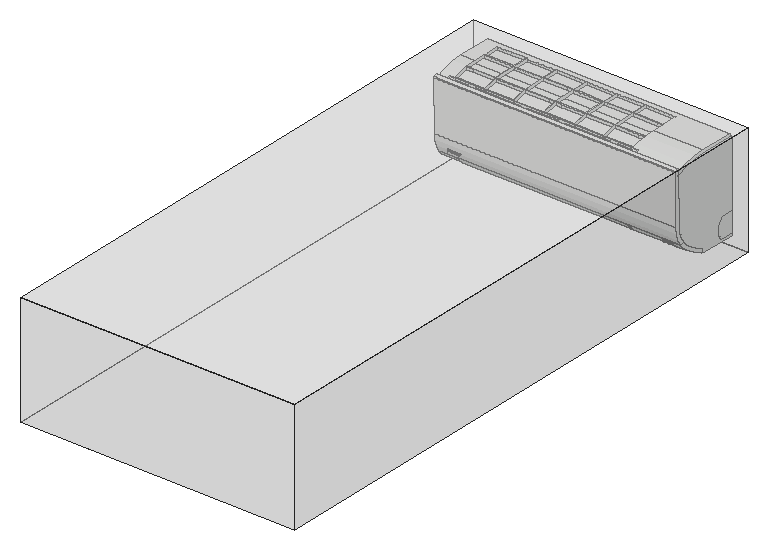
Revit family "outputfile", category 機械設備, Revit 2024
Family settings
  丸型コネクタ寸法 = 半径を使用
  パーツ タイプ = 標準
  OmniClass 番号 = 23.75.10.24.21.27.27
  OmniClass タイトル = Split System Air Conditioning Units
  作業面ベース = いいえ
  常に垂直 = はい
  ロード時にボイドで切り取り = いいえ
  注釈の向きを維持 = いいえ
  共有 = いいえ
  部屋計算ポイント = いいえ
Parameters (values of type "FTKF25CV1MF")
  Description = ""
  書き出し IFC クラス(タイプ) = "IfcUnitaryEquipmentType"
  定義済み IFC タイプ(タイプ) = "AIRCONDITIONINGUNIT"
  Cost = 0
  Type Comments = ""
  Keynote = ""
  Type Image = (empty or 0)
  Assembly Code = ""
  switch_frequency = yes
  lw_connection [instance] = if(Width = 730.0 mm, 85.0 mm, if(Width = 770.0 mm, 48.0 mm, 60.0 mm))  # 85.0 mm
  製造元 = "Daikin"
  モデル = "FTKF25CV1MF"
  r_Liquid Pipe Size = Liquid Pipe Size / 2  # 3.2 mm
  r_Gas Pipe Size = Gas Pipe Size / 2  # 4.75 mm
  r_Drain Pipe Size = Drain Pipe Size / 2  # 9.55 mm
  lw_powersupply [instance] = if(Width = 730.0 mm, if(or(Rear Right Connection_refrigerant, Bottom Right Connection_refrigerant), 65.0 mm, if(or(Rear Left Connection_refrigerant, Bottom Left Connection_refrigerant), 695.0 mm, 400.0 mm)), if(Width = 770.0 mm, if(or(Rear Right Connection_refrigerant, Bottom Right Connection_refrigerant), 68.0 mm, if(or(Rear Left Connection_refrigerant, Bottom Left Connection_refrigerant), 705.0 mm, 400.0 mm)), if(or(Rear Right Connection_refrigerant, Bottom Right Connection_refrigerant), 83.0 mm, if(or(Rear Left Connection_refrigerant, Bottom Left Connection_refrigerant), 928.0 mm, 400.0 mm))))  # 400.0 mm
  lw_liquidpipe [instance] = if(Width = 730.0 mm, if(or(Rear Right Connection_refrigerant, Bottom Right Connection_refrigerant), 0.0 mm, if(or(Rear Left Connection_refrigerant, Bottom Left Connection_refrigerant), 582.0 mm, 473.0 mm)), if(Width = 770.0 mm, if(or(Rear Right Connection_refrigerant, Bottom Right Connection_refrigerant), 0.0 mm, if(or(Rear Left Connection_refrigerant, Bottom Left Connection_refrigerant), 682.0 mm, 385.0 mm)), if(or(Rear Right Connection_refrigerant, Bottom Right Connection_refrigerant), 10.0 mm, if(or(Rear Left Connection_refrigerant, Bottom Left Connection_refrigerant), 858.0 mm, 435.0 mm))))  # 473.0 mm
  lw_gaspipe [instance] = if(Width = 730.0 mm, if(or(Rear Right Connection_refrigerant, Bottom Right Connection_refrigerant), 0.0 mm, if(or(Rear Left Connection_refrigerant, Bottom Left Connection_refrigerant), 576.0 mm, 428.0 mm)), if(Width = 770.0 mm, if(or(Rear Right Connection_refrigerant, Bottom Right Connection_refrigerant), 0.0 mm, if(or(Rear Left Connection_refrigerant, Bottom Left Connection_refrigerant), 675.0 mm, 335.0 mm)), if(or(Rear Right Connection_refrigerant, Bottom Right Connection_refrigerant), 0.0 mm, if(or(Rear Left Connection_refrigerant, Bottom Left Connection_refrigerant), 851.0 mm, 400.0 mm))))  # 428.0 mm
  lw_drainpipe [instance] = if(Width = 730.0 mm, if(or(Rear Right Connection_refrigerant, Bottom Right Connection_refrigerant), 0.0 mm, if(or(Rear Left Connection_refrigerant, Bottom Left Connection_refrigerant), 590.0 mm, 488.0 mm)), if(Width = 770.0 mm, if(or(Rear Right Connection_refrigerant, Bottom Right Connection_refrigerant), 0.0 mm, if(or(Rear Left Connection_refrigerant, Bottom Left Connection_refrigerant), 695.0 mm, 440.0 mm)), if(or(Rear Right Connection_refrigerant, Bottom Right Connection_refrigerant), 0.0 mm, if(or(Rear Left Connection_refrigerant, Bottom Left Connection_refrigerant), 888.0 mm, 475.0 mm))))  # 488.0 mm
  l_powersupply_length [instance] = if(Width = 730.0 mm, if(Right Connection_refrigerant, 400.0 mm, if(Left Connection_refrigerant, 330.0 mm, if(or(Bottom Left Connection_refrigerant, Bottom Right Connection_refrigerant), 57.0 mm, if(or(Rear Left Connection_refrigerant, Rear Right Connection_refrigerant), 15.0 mm, 50.0 mm)))), if(Width = 770.0 mm, if(Right Connection_refrigerant, 400.0 mm, if(Left Connection_refrigerant, 370.0 mm, if(or(Bottom Left Connection_refrigerant, Bottom Right Connection_refrigerant), 57.0 mm, if(or(Rear Left Connection_refrigerant, Rear Right Connection_refrigerant), 15.0 mm, 50.0 mm)))), if(Right Connection_refrigerant, 400.0 mm, if(Left Connection_refrigerant, 590.0 mm, if(or(Bottom Left Connection_refrigerant, Bottom Right Connection_refrigerant), 57.0 mm, if(or(Rear Left Connection_refrigerant, Rear Right Connection_refrigerant), 15.0 mm, 50.0 mm))))))  # 400.0 mm
  l_liquidpipe_length [instance] = if(Width = 730.0 mm, if(Right Connection_refrigerant, 558.0 mm, if(Left Connection_refrigerant, 172.0 mm, if(or(Bottom Left Connection_refrigerant, Bottom Right Connection_refrigerant), 48.0 mm, if(or(Rear Left Connection_refrigerant, Rear Right Connection_refrigerant), 30.0 mm, 40.0 mm)))), if(Width = 770.0 mm, if(Right Connection_refrigerant, 433.0 mm, if(Left Connection_refrigerant, 337.0 mm, if(or(Bottom Left Connection_refrigerant, Bottom Right Connection_refrigerant), 48.0 mm, if(or(Rear Left Connection_refrigerant, Rear Right Connection_refrigerant), 30.0 mm, 40.0 mm)))), if(Right Connection_refrigerant, 495.0 mm, if(Left Connection_refrigerant, 495.0 mm, if(or(Bottom Left Connection_refrigerant, Bottom Right Connection_refrigerant), 48.0 mm, if(or(Rear Left Connection_refrigerant, Rear Right Connection_refrigerant), 30.0 mm, 40.0 mm))))))  # 558.0 mm
  l_gaspipe_length [instance] = if(Width = 730.0 mm, if(Right Connection_refrigerant, 513.0 mm, if(Left Connection_refrigerant, 217.0 mm, if(or(Bottom Left Connection_refrigerant, Bottom Right Connection_refrigerant), 57.0 mm, if(or(Rear Left Connection_refrigerant, Rear Right Connection_refrigerant), 40.0 mm, 50.0 mm)))), if(Width = 770.0 mm, if(Right Connection_refrigerant, 383.0 mm, if(Left Connection_refrigerant, 387.0 mm, if(or(Bottom Left Connection_refrigerant, Bottom Right Connection_refrigerant), 57.0 mm, if(or(Rear Left Connection_refrigerant, Rear Right Connection_refrigerant), 40.0 mm, 50.0 mm)))), if(Right Connection_refrigerant, 460.0 mm, if(Left Connection_refrigerant, 530.0 mm, if(or(Bottom Left Connection_refrigerant, Bottom Right Connection_refrigerant), 57.0 mm, if(or(Rear Left Connection_refrigerant, Rear Right Connection_refrigerant), 40.0 mm, 50.0 mm))))))  # 513.0 mm
  l_drainpipe_length [instance] = if(Width = 730.0 mm, if(Right Connection_refrigerant, 573.0 mm, if(Left Connection_refrigerant, 157.0 mm, if(or(Bottom Left Connection_refrigerant, Bottom Right Connection_refrigerant), 35.0 mm, if(or(Rear Left Connection_refrigerant, Rear Right Connection_refrigerant), 15.0 mm, 20.0 mm)))), if(Width = 770.0 mm, if(Right Connection_refrigerant, 488.0 mm, if(Left Connection_refrigerant, 282.0 mm, if(or(Bottom Left Connection_refrigerant, Bottom Right Connection_refrigerant), 35.0 mm, if(or(Rear Left Connection_refrigerant, Rear Right Connection_refrigerant), 15.0 mm, 20.0 mm)))), if(Right Connection_refrigerant, 535.0 mm, if(Left Connection_refrigerant, 455.0 mm, if(or(Bottom Left Connection_refrigerant, Bottom Right Connection_refrigerant), 35.0 mm, if(or(Rear Left Connection_refrigerant, Rear Right Connection_refrigerant), 15.0 mm, 20.0 mm))))))  # 573.0 mm
  h*** = 0.0 mm  # constant formula
  connector_voltage = Voltage_50Hz  # 230 V
  connector_powerinput = [Power Input (Cooling)]  # 0.860 kW
  connector_phase = Phase_50Hz  # 1
  angle_vertical [instance] = if(or(Bottom Left Connection_refrigerant, Bottom Right Connection_refrigerant), 0.00°, 90.00°)  # 90.00°
  angle_horizontal [instance] = if(Right Connection_refrigerant, 90.00°, if(Left Connection_refrigerant, -90.00°, if(or(Rear Left Connection_refrigerant, Rear Right Connection_refrigerant), 180.00°, 0.00°)))  # 90.00°
  Width = 730.0 mm
  Voltage_comment_50Hz = "220 - 240"
  Voltage_50Hz = 230 V
  Version = "ver.1.0"
  Unit Type = "Wall Mounted"
  Unit Mass Weight = 8.50 kg
  Unit Designation [instance] = ""
  Uniclass2015Version = "Products v1.30"
  Uniclass2015Title = "Split coil room air conditioning units"
  Uniclass2015Code = "Pr_70_65_03_86"
  URL = ""
  Total Cooling Capacity [instance] = 0.000 kW
  Sound Pressure Level_M speed (dBA) = 33
  Sound Pressure Level_L speed (dBA) = 26
  Sound Pressure Level_H speed (dBA) = 39
  Sound Power Level_H speed (dB) = 0
  Series = "Single Split_Fan Coil Unit"
  Sensible Cooling Capacity [instance] = 0.000 kW
  Refrigerant Type = "R32"
  Power Input (Cooling) = 0.860 kW
  Phase_50Hz = 1
  Option Accessory 3 [instance] = ""
  Option Accessory 2 [instance] = ""
  Option Accessory 1 [instance] = ""
  Nominal Cooling Capacity = 2.640 kW
  Minimum Circuit Amps_50Hz = 10.7 A
  Minimum Airflow = 348.00 m³/h
  Median Airflow = 442.00 m³/h
  Maximum Fuse Amps_50Hz = 16.0 A
  Maximum Airflow = 578.00 m³/h
  Material_Casing = DAIKIN_White_Casing_indoorunit
  Load Classification = HVAC
  Liquid Pipe Size = 6.4 mm
  Link_Nested Family [instance] = ""
  IfcVersion = ""
  IfcExportType = "AIRCONDITIONINGUNIT"
  IfcExportAs = "IfcUnitaryEquipmentType"
  Height = 280.0 mm
  Heat Exchanger Type = "Cross Fin Coil"
  Gas Pipe Size = 9.5 mm
  Frequency_50Hz = 50 Hz
  Fan Type = "Cross Flow Fan"
  Fan Drive = "Direct Drive"
  FCU Tag No. [instance] = ""
  Drain Pipe Size = 19.1 mm
  Design Supply Airflow [instance] = 0.00 m³/h
  Depth = 213.0 mm
  既定の高さ = 0.0 mm
  Cooling Entering Wet Bulb Temperature [instance] = 0.00 °C
  Cooling Entering Dry Bulb Temperature [instance] = 0.00 °C
  Cooling Ambient Wet Bulb Temperature [instance] = 0.00 °C
  Cooling Ambient Dry Bulb Temperature [instance] = 0.00 °C
  Clearance visibility [instance] = yes
  Clearance Top = 30.0 mm
  Clearance Right = 50.0 mm
  Clearance Rear = 0.0 mm
  Clearance Left = 50.0 mm
  Clearance Front = 1500.0 mm
  Clearance Bottom = 30.0 mm
  Bottom Right Connection_refrigerant [instance] = no
  Bottom Left Connection_refrigerant [instance] = no
  Rear Right Connection_refrigerant [instance] = no
  Rear Left Connection_refrigerant [instance] = no
  Right Connection_refrigerant [instance] = yes
  Left Connection_refrigerant [instance] = no
Reference planes
  plane 1 "Back": y = 0
  plane 2: z = 0
  plane 3 "Center (Left/Right)": x = 0
  plane 4 "Center (Front/Back)": y = -106.5
  plane 5 "Front": y = -213
  plane 6 "Left": x = -365
  plane 7 "Right": x = 365
  plane 8 "Top": z = 0
  plane 9 "Bottom": z = -280
  plane 10 "Front panel_Left": x = -363
  plane 11 "Front panel_Right": x = 363
  plane 12: x = 229
  plane 13: x = 224
  plane 14: x = -415
  plane 15: x = 415
  plane 16: y = 0
  plane 17: y = -1713
  plane 18: z = 30
  plane 19: z = -310
  plane 20 "lw_Piping and Wiring intake": x = 280
  plane 21 "lw_gaspipe": x = -148
  plane 22 "lw_liquidpipe": x = -193
  plane 23 "lw_drainpipe": x = -208
  plane 24 "lh_drainpipe": z = -245
  plane 25 "lh_liquidpipe": z = -232
  plane 26 "lh_gaspipe": z = -223
  plane 27 "ld_drainpipe": y = -15
  plane 28 "ld_liquidpipe": y = -30
  plane 29 "ld_gaspipe": y = -40
  plane 30 "lw_powersupply": x = -35
Dimensions and locks
  equal spacing: plane 6 "Left", plane 3 "Center (Left/Right)", plane 7 "Right"
  "Width": plane 6 "Left" to plane 7 "Right"
  equal spacing: plane 5 "Front", plane 4 "Center (Front/Back)", plane 1 "Back"
  "Depth": plane 5 "Front" to plane 1 "Back"
  "Height": plane 8 "Top" to plane 9 "Bottom"
  locked: plane 10 "Front panel_Left" to plane 6 "Left" at 2
  locked: plane 7 "Right" to plane 11 "Front panel_Right" at 2
  locked: plane 7 "Right" to plane 12 at 136
  locked: plane 12 to plane 13 at 5
  "Clearance Rear": plane 16 to plane 1 "Back"
  "Clearance Front": plane 17 to plane 5 "Front"
  "Clearance Top": plane 18 to plane 8 "Top"
  "Clearance Bottom": plane 9 "Bottom" to plane 19
  "lw_connection": plane 20 "lw_Piping and Wiring intake" to plane 7 "Right"
  "lw_gaspipe": plane 21 "lw_gaspipe" to plane 20 "lw_Piping and Wiring intake"
  "lw_liquidpipe": plane 22 "lw_liquidpipe" to plane 20 "lw_Piping and Wiring intake"
  "lw_drainpipe": plane 23 "lw_drainpipe" to plane 20 "lw_Piping and Wiring intake"
  locked: plane 24 "lh_drainpipe" to plane 9 "Bottom" at 35
  locked: plane 25 "lh_liquidpipe" to plane 9 "Bottom" at 48
  locked: plane 26 "lh_gaspipe" to plane 9 "Bottom" at 57
  locked: plane 27 "ld_drainpipe" to plane 1 "Back" at 15
  locked: plane 1 "Back" to plane 28 "ld_liquidpipe" at 30
  locked: plane 1 "Back" to plane 29 "ld_gaspipe" at 40
  "lw_powersupply": plane 30 "lw_powersupply" to plane 7 "Right"
  "Clearance Left": plane 14 to plane 6 "Left"
  "Clearance Right": plane 7 "Right" to plane 15
  aligned and locked: level to plane 2
  aligned and locked: plane 19 to nested 1
  aligned and locked: plane 18 to nested 1
  aligned and locked: plane 21 "lw_gaspipe" to nested 2
  aligned and locked: nested 2 to plane 29 "ld_gaspipe"
  aligned and locked: plane 22 "lw_liquidpipe" to nested 3
  aligned and locked: nested 3 to plane 28 "ld_liquidpipe"
  aligned and locked: plane 23 "lw_drainpipe" to nested 4
  aligned and locked: nested 4 to plane 27 "ld_drainpipe"
  aligned and locked: nested 5 to plane 27 "ld_drainpipe"
  aligned and locked: plane 30 "lw_powersupply" to nested 5
  aligned and locked: level to plane 8 "Top"
  aligned and locked: nested 1 to plane 14
  aligned and locked: nested 1 to plane 15
  aligned and locked: plane 16 to nested 1
  aligned and locked: nested 1 to plane 17
Nested families
  nested 1: "daikin_clearancespace" at (0, -856.5, -139.881), show <- "Clearance visibility", visible <- "Clearance visibility", Link_Nested Family <- "Link_Nested Family", type "daikin_clearancespace"
    with width 830.0 mm, show yes, height 340.0 mm, depth 1713.0 mm, Link_Nested Family ""
  nested 2: "daikin_connector_rotate3" at (-148, -40, -223), angle_vertical <- "angle_vertical", angle_horizontal <- "angle_horizontal", length <- "l_gaspipe_length", radius <- "r_Gas Pipe Size", type "daikin_connector_rotate3"
    with show no, radius 4.75 mm, length 513.0 mm, angle_vertical 90.00°, angle_horizontal 90.00°
  nested 3: "daikin_connector_rotate3" at (-193, -30, -232), angle_vertical <- "angle_vertical", angle_horizontal <- "angle_horizontal", radius <- "r_Liquid Pipe Size", length <- "l_liquidpipe_length", type "daikin_connector_rotate3"
    with show no, radius 3.2 mm, length 558.0 mm, angle_vertical 90.00°, angle_horizontal 90.00°
  nested 4: "daikin_connector_rotate3" at (-208, -15, -245), angle_vertical <- "angle_vertical", angle_horizontal <- "angle_horizontal", length <- "l_drainpipe_length", radius <- "r_Drain Pipe Size", type "daikin_connector_rotate3"
    with show no, radius 9.55 mm, length 573.0 mm, angle_vertical 90.00°, angle_horizontal 90.00°
  nested 5: "daikin_connector_rotate3" at (-35, -15, -223), angle_vertical <- "angle_vertical", angle_horizontal <- "angle_horizontal", length <- "l_powersupply_length", type "daikin_connector_rotate3"
    with show no, radius 10.0 mm, length 400.0 mm, angle_vertical 90.00°, angle_horizontal 90.00°
  nested 6: "DAIKIN_indoorunit_FTKF-CV1MF" at (-31, 0, 0), type "FTKF-CV1MF"
Connectors
  piping at (365, -40, -223), diameter 9.5, driven by "r_Gas Pipe Size"
    settings: on nested 2, index 1, connector inside diameter 609.6 mm, connector length 0.0 mm, flow factor 0, pipe flow 0.00 m³/h, pressure drop 0.0 Pa, fitting loss kfactor 0, connector angle 0.00°, fixture units 0, engagement length 0.0 mm, angle of deflection 0.00°, flow configuration 1, flow direction 2, fitting loss method 0, system type 29, joint type 0, gender type 0, connector reference index -1, connector utility 0, adjustable connector no, is connector primary yes, connector description "Refrigerant Gas Piping"
  piping at (365, -30, -232), diameter 6.4, driven by "r_Liquid Pipe Size"
    settings: on nested 3, index 2, connector inside diameter 609.6 mm, connector length 0.0 mm, flow factor 0, pipe flow 0.00 m³/h, pressure drop 0.0 Pa, fitting loss kfactor 0, connector angle 0.00°, fixture units 0, engagement length 0.0 mm, angle of deflection 0.00°, flow configuration 1, flow direction 1, fitting loss method 0, system type 29, joint type 0, gender type 0, connector reference index -1, connector utility 0, adjustable connector no, is connector primary no, connector description "Refrigerant Liquid Piping"
  piping at (365, -15, -245), diameter 19.1, driven by "r_Drain Pipe Size"
    settings: on nested 4, index 3, connector inside diameter 609.6 mm, connector length 0.0 mm, flow factor 0, pipe flow 0.00 m³/h, pressure drop 0.0 Pa, fitting loss kfactor 0, connector angle 0.00°, fixture units 0, engagement length 0.0 mm, angle of deflection 0.00°, flow configuration 1, flow direction 2, fitting loss method 4, system type 16, joint type 0, gender type 0, connector reference index -1, connector utility 0, adjustable connector no, is connector primary no, connector description "Condensate Drain Piping"
  electrical at (365, -15, -223), driven by "Load Classification", driven by "connector_powerinput", driven by "connector_phase", driven by "connector_voltage"
    settings: on nested 5, index 4, voltage 230 V, apparent load 860 VA, apparent load phase1 0 VA, apparent load phase2 0 VA, apparent load phase3 0 VA, power factor 1, load classification "HVAC", number of poles 1, system type 30, power factor state 1, is connector primary yes, connector utility no, sub classification motor no, connector description "Power Supply"
Definition of nested family "daikin_clearancespace"
  Parameters (values of type "daikin_clearancespace")
    Description = "daikin_clearancespace"
    width [instance] = 1823.963 mm
    show [instance] = yes
    material = none
    height [instance] = 1359.762 mm
    depth [instance] = 880.0 mm
    Default Elevation = 0.0 mm
    Link_Nested Family [instance] = ""
  Reference planes
    plane 1 "Center (Front/Back)": y = 0
    plane 2 "Center (Elevation)": z = -0.119
    plane 3 "Center (Left/Right)": x = 0
    plane 4: y = 440
    plane 5: y = -440
    plane 6 "Right": x = 911.982
    plane 7 "Left": x = -911.982
    plane 8 "Top": z = 679.762
    plane 9 "Bottom": z = -680
  Forms (mm)
    Extrusion 1, solid, material <- "material", visible <- "show"
      sketch origin (0, 0, 0) x (1, 0, 0) y (0, 1, 0)
        loop
          line (-911.982, 440) -> (-911.982, -440) -> (911.982, -440) -> (911.982, 440) -> (-911.982, 440)
      from -680 to 679.762
  Lines and regions (mm)
    symbolic lines, visible <- "show"
      curve 1: line (911.982, 440, 0) -> (-911.982, 440, 0)
      curve 2: line (-911.982, 440, 0) -> (-911.982, -440, 0)
      curve 3: line (-911.982, -440, 0) -> (911.982, -440, 0)
      curve 4: line (911.982, -440, 0) -> (911.982, 440, 0)
      curve 5: line (911.982, 0, 679.762) -> (-911.982, 0, 679.762)
      curve 6: line (911.982, 0, -680) -> (911.982, 0, 679.762)
      curve 7: line (-911.982, 0, -680) -> (911.982, 0, -680)
      curve 8: line (-911.982, 0, 679.762) -> (-911.982, 0, -680)
      curve 9: line (0, 440, 679.762) -> (0, -440, 679.762)
      curve 10: line (0, -440, 679.762) -> (0, -440, -680)
      curve 11: line (0, 440, -680) -> (0, 440, 679.762)
      curve 12: line (0, -440, -680) -> (0, 440, -680)
  Dimensions and locks
    "width": plane 7 "Left" to plane 6 "Right"
    "depth": plane 4 to plane 5
    "height": plane 8 "Top" to plane 9 "Bottom"
    equal spacing: plane 7 "Left", plane 3 "Center (Left/Right)", plane 6 "Right"
    equal spacing: plane 4, plane 1 "Center (Front/Back)", plane 5
    equal spacing: plane 8 "Top", plane 2 "Center (Elevation)", plane 9 "Bottom"
    aligned and locked: level to plane 2 "Center (Elevation)"
    aligned and locked: Extrusion 1 sketch curve to plane 4
    aligned and locked: plane 7 "Left" to Extrusion 1 sketch curve
    aligned and locked: Extrusion 1 sketch curve to plane 5
    aligned and locked: Extrusion 1 sketch curve to plane 6 "Right"
    aligned and locked: plane 8 "Top" to Extrusion 1
    aligned and locked: curve 1 to Extrusion 1
    aligned and locked: curve 2 to Extrusion 1
    aligned and locked: curve 3 to Extrusion 1
    aligned and locked: curve 4 to Extrusion 1
    aligned and locked: curve 5 to Extrusion 1
    aligned and locked: curve 6 to Extrusion 1
    aligned and locked: curve 7 to Extrusion 1
    aligned and locked: curve 8 to Extrusion 1
    aligned and locked: curve 9 to Extrusion 1
    aligned and locked: curve 10 to Extrusion 1
    aligned and locked: curve 11 to Extrusion 1
    aligned and locked: curve 12 to Extrusion 1
    aligned and locked: Extrusion 1 to plane 9 "Bottom"
Definition of nested family "DAIKIN_indoorunit_FTKF-CV1MF"
  Parameters (values of type "FTKF-CV1MF")
    switch_unit1_60-71 = Width = 990.0 mm  # no
    switch_unit1_35-50 = Width = 770.0 mm  # no
    switch_unit1_20-25 = Width = 730.0 mm  # yes
    Width = 730.0 mm
    WALL HOLE-R = if(Width = 730.0 mm, 79.0 mm, 48.0 mm)  # 79.0 mm
    Material_Casing = none
    Height = if(Width = 730.0 mm, 280.0 mm, if(Width = 770.0 mm, 288.0 mm, 297.0 mm))  # 280.0 mm
    Default Elevation = 0.0 mm
  Reference planes
    plane 1 "Center (Front/Back)": y = 0
    plane 2 "reference_level": z = 0
    plane 3 "Center (Left/Right)": x = 31
    plane 4: x = -334
    plane 5: x = 396
    plane 6: z = -280
  Forms (mm)
    Extrusion 1, solid, material <- "Material_Casing", visible <- "switch_unit1_20-25"
      sketch origin (31, 0, 0) x (0, 1, 0) y (0, 0, 1)
        loop
          line (-109.519, -8) -> (-2.596, -8) -> (-8.198, 0) -> (-109.608, 0)
          arc (-109.608, 0) -> (-157.226, -5.2) -> (-202.599, -20.555) r 220.623
          line (-202.599, -20.555) -> (-202.447, -29.25)
          arc (-202.447, -29.25) -> (-157.182, -13.38) -> (-109.519, -8) r 213.82
      from -365 to 365
    Extrusion 2, solid, material <- "Material_Casing", visible <- "switch_unit1_20-25"
      sketch origin (416, 1304.033, 1200.206) x (0, 1, 0) y (0, 0, 1)
        loop
          arc (-1496.513, -1423.164) -> (-1487.225, -1434.204) -> (-1476.373, -1443.711) r 95
          arc (-1476.373, -1443.711) -> (-1448.371, -1461.92) -> (-1418.191, -1476.232) r 250
          line (-1418.191, -1476.232) -> (-1418.191, -1465.318)
          arc (-1418.191, -1465.318) -> (-1445.052, -1452.134) -> (-1470.063, -1435.711) r 240
          arc (-1470.063, -1435.711) -> (-1477.766, -1429.186) -> (-1484.641, -1421.794) r 85
          line (-1484.641, -1421.794) -> (-1496.513, -1423.164)
      from -20 to -177
    Extrusion 3, solid, material <- "Material_Casing", visible <- "switch_unit1_20-25"
      sketch origin (31, 0, 0) x (0, 1, 0) y (0, 0, 1)
        loop
          line (-202.769, -10.816) -> (-211.618, -13.692)
          arc (-211.618, -13.692) -> (-212.628, -14.432) -> (-213, -15.629) r 2
          line (-213, -15.629) -> (-210.348, -167.5)
          arc (-210.348, -167.5) -> (-206.029, -195.818) -> (-193.465, -221.562) r 95
          line (-193.465, -221.562) -> (-181.653, -220.199)
          arc (-181.653, -220.199) -> (-195.31, -195.356) -> (-200.037, -167.403) r 85
          line (-200.037, -167.403) -> (-202.769, -10.816)
      from -365 to 365
    Extrusion 4, solid, material <- "Material_Casing", visible <- "switch_unit1_20-25"
      sketch origin (31, 0, 0) x (0, 1, 0) y (0, 0, 1)
        loop
          line (0, -280) -> (0, -11.707) -> (-2.596, -8) -> (-109.519, -8)
          arc (-109.519, -8) -> (-156.378, -13.198) -> (-200.959, -28.539) r 213.82
          line (-200.959, -28.539) -> (-198.537, -167.295)
          arc (-198.537, -167.295) -> (-189.766, -204.754) -> (-165.131, -234.305) r 83.5
          arc (-165.131, -234.305) -> (-139.841, -250.873) -> (-112.659, -264.109) r 238.5
          line (-112.659, -264.109) -> (-112.659, -276.338)
          arc (-112.659, -276.338) -> (-100.834, -279.079) -> (-88.731, -280) r 80
          line (-88.731, -280) -> (0, -280)
      from -365 to 365
    Extrusion 5, solid, material <- "Material_Casing", visible <- "switch_unit1_20-25"
      sketch origin (-354, 1304.033, 1200.206) x (0, 1, 0) y (0, 0, 1)
        loop
          arc (-1496.513, -1423.164) -> (-1487.225, -1434.204) -> (-1476.373, -1443.711) r 95
          arc (-1476.373, -1443.711) -> (-1448.371, -1461.92) -> (-1418.191, -1476.232) r 250
          line (-1418.191, -1476.232) -> (-1418.191, -1465.318)
          arc (-1418.191, -1465.318) -> (-1445.052, -1452.134) -> (-1470.063, -1435.711) r 240
          arc (-1470.063, -1435.711) -> (-1477.766, -1429.186) -> (-1484.641, -1421.794) r 85
          line (-1484.641, -1421.794) -> (-1496.513, -1423.164)
      from 72 to 20
    Extrusion 6, solid, material <- "Material_Casing", visible <- "switch_unit1_20-25"
      sketch origin (31, 7.782, 0.206) x (0, 1, 0) y (0, 0, 1)
        loop
          line (-188.39, -221.794) -> (-200.262, -223.164)
          arc (-200.262, -223.164) -> (-190.975, -234.204) -> (-180.122, -243.711) r 95
          arc (-180.122, -243.711) -> (-152.12, -261.92) -> (-121.941, -276.232) r 250
          line (-121.941, -276.232) -> (-121.941, -265.318)
          arc (-121.941, -265.318) -> (-148.801, -252.134) -> (-173.813, -235.711) r 240
          arc (-173.813, -235.711) -> (-181.515, -229.186) -> (-188.39, -221.794) r 85
      from 204 to -309
    Extrusion 7, void
      sketch origin (31, 0, -235) x (1, 0, 0) y (0, 1, 0)
        loop
          line (-324.633, -72.419) -> (-304, -73.5) -> (-234.9, -73.5) -> (-234.9, -24.5) -> (-324.633, -24.5) -> (-324.633, -72.419)
        loop
          line (-304, -74.9) -> (-324.633, -75.939) -> (-324.633, -139.819) -> (-304, -140.9) -> (-234.9, -140.9) -> (-234.9, -74.9) -> (-304, -74.9)
        loop
          line (-304, -142.3) -> (-324.633, -143.326) -> (-324.633, -182.209) -> (-300, -183.5) -> (-234.9, -183.5) -> (-234.9, -142.3) -> (-304, -142.3)
        loop
          line (-233.5, -142.3) -> (-233.5, -183.5) -> (-146.9, -183.5) -> (-146.9, -142.3) -> (-233.5, -142.3)
        loop
          line (-233.5, -140.9) -> (-146.9, -140.9) -> (-146.9, -74.9) -> (-233.5, -74.9) -> (-233.5, -140.9)
        loop
          line (-233.5, -73.5) -> (-146.9, -73.5) -> (-146.9, -24.5) -> (-233.5, -24.5) -> (-233.5, -73.5)
        loop
          line (-145.5, -73.5) -> (-74.9, -73.5) -> (-54.9, -72.452) -> (-54.9, -24.5) -> (-145.5, -24.5) -> (-145.5, -73.5)
        loop
          line (-145.5, -74.9) -> (-145.5, -140.9) -> (-74.9, -140.9) -> (-54.9, -139.852) -> (-54.9, -75.948) -> (-74.9, -74.9) -> (-145.5, -74.9)
        loop
          line (-145.5, -142.3) -> (-145.5, -183.5) -> (-74.9, -183.5) -> (-54.9, -182.452) -> (-54.9, -143.348) -> (-74.9, -142.3) -> (-145.5, -142.3)
        loop
          line (-53.5, -24.5) -> (-53.5, -72.452) -> (-33.5, -73.5) -> (36.5, -73.5) -> (36.5, -24.5) -> (-53.5, -24.5)
        loop
          line (-53.5, -75.948) -> (-53.5, -139.852) -> (-33.5, -140.9) -> (36.5, -140.9) -> (36.5, -74.9) -> (-33.5, -74.9) -> (-53.5, -75.948)
        loop
          line (-33.5, -142.3) -> (-53.5, -143.348) -> (-53.5, -182.452) -> (-33.5, -183.5) -> (36.5, -183.5) -> (36.5, -142.3) -> (-33.5, -142.3)
        loop
          line (37.9, -24.5) -> (37.9, -73.5) -> (124.9, -73.5) -> (124.9, -24.5) -> (37.9, -24.5)
        loop
          line (37.9, -74.9) -> (37.9, -140.9) -> (124.9, -140.9) -> (124.9, -74.9) -> (37.9, -74.9)
        loop
          line (37.9, -142.3) -> (37.9, -183.5) -> (124.9, -183.5) -> (124.9, -142.3) -> (37.9, -142.3)
        loop
          line (126.3, -24.5) -> (126.3, -73.5) -> (195.6, -73.5) -> (216, -72.431) -> (216, -24.5) -> (126.3, -24.5)
        loop
          line (126.3, -74.9) -> (126.3, -140.9) -> (198.5, -140.9) -> (216, -139.983) -> (216, -75.817) -> (198.5, -74.9) -> (126.3, -74.9)
        loop
          line (126.3, -142.3) -> (126.3, -183.5) -> (198.337, -183.5) -> (216, -182.623) -> (216, -143.217) -> (198.5, -142.3) -> (126.3, -142.3)
      from 201.638 to 250
    Extrusion 8, solid, material <- "Material_Casing"
      sketch origin (31, 0, 0) x (1, 0, 0) y (0, 0, 1)
        loop
          circle (286, -235) r 40
        loop
          circle (-317, -235) r 40
      from 0 to 5
    Extrusion 9, solid, material <- "Material_Casing", visible <- "switch_unit1_20-25"
      sketch origin (396, 1296.25, 1200) x (0, -1, 0) y (0, 0, 1)
        loop
          line (1326.25, -1413) -> (1296.25, -1413) -> (1296.25, -1473) -> (1326.25, -1473)
          arc (1326.25, -1473) -> (1340.393, -1467.142) -> (1346.25, -1453) r 20
          line (1346.25, -1453) -> (1346.25, -1433)
          arc (1346.25, -1433) -> (1340.393, -1418.858) -> (1326.25, -1413) r 20
      from 0 to 5
    Extrusion 10, solid, material <- "Material_Casing", visible <- "switch_unit1_20-25"
      sketch origin (-334, 1296.25, 1200) x (0, 1, 0) y (0, 0, 1)
        loop
          line (-1296.25, -1413) -> (-1326.25, -1413)
          arc (-1326.25, -1413) -> (-1340.393, -1418.858) -> (-1346.25, -1433) r 20
          line (-1346.25, -1433) -> (-1346.25, -1453)
          arc (-1346.25, -1453) -> (-1340.393, -1467.142) -> (-1326.25, -1473) r 20
          line (-1326.25, -1473) -> (-1296.25, -1473) -> (-1296.25, -1413)
      from 0 to 5
    Extrusion 11, solid, material <- "Material_Casing", visible <- "switch_unit1_20-25"
      sketch origin (11, 0, -285) x (-1, 0, 0) y (0, -1, 0)
        loop
          line (-279, 0) -> (-279, 30)
          arc (-279, 30) -> (-284.419, 43.081) -> (-297.5, 48.5) r 18.5
          line (-297.5, 48.5) -> (-320.5, 48.5)
          arc (-320.5, 48.5) -> (-333.581, 43.081) -> (-339, 30) r 18.5
          line (-339, 30) -> (-339, 0) -> (-279, 0)
        loop
          line (326, 0) -> (326, 30)
          arc (326, 30) -> (320.581, 43.081) -> (307.5, 48.5) r 18.5
          line (307.5, 48.5) -> (284.5, 48.5)
          arc (284.5, 48.5) -> (271.419, 43.081) -> (266, 30) r 18.5
          line (266, 30) -> (266, 0) -> (326, 0)
      from 10 to 5
    Extrusion 12, solid, material <- "Material_Casing", visible <- "switch_unit1_35-50"
      sketch origin (31, 0, 0) x (0, 1, 0) y (0, 0, 1)
        loop
          line (-5, 0) -> (-45.84, 0)
          arc (-45.84, 0) -> (-135.906, -3.965) -> (-225.275, -15.831) r 1024.823
          arc (-225.275, -15.831) -> (-224.639, -21.302) -> (-223.878, -26.758) r 241.564
          arc (-223.878, -26.758) -> (-135.207, -14.947) -> (-45.84, -11) r 1013.66
          line (-45.84, -11) -> (0, -11) -> (0, -9.02) -> (-5, 0)
      from -385 to 385
    Extrusion 13, solid, material <- "Material_Casing", visible <- "switch_unit1_35-50"
      sketch origin (31, 0, 0) x (0, 1, 0) y (0, 0, 1)
        loop
          arc (-226.673, -12.416) -> (-229.519, -12.929) -> (-232.363, -13.449) r 1025.776
          arc (-232.363, -13.449) -> (-233.586, -14.198) -> (-233.994, -15.573) r 2
          line (-233.994, -15.573) -> (-218.08, -217.408)
          arc (-218.08, -217.408) -> (-211.296, -237.286) -> (-195.807, -251.472) r 42.415
          line (-195.807, -251.472) -> (-186.556, -243.946)
          arc (-186.556, -243.946) -> (-193.981, -235.221) -> (-197.648, -224.366) r 30.386
          line (-197.648, -224.366) -> (-226.673, -12.416)
      from -385 to 385
    Extrusion 14, void
      sketch origin (33, 0, 0) x (1, 0, 0) y (0, 1, 0)
        loop
          line (-357.499, -23.5) -> (-357.499, -96.7) -> (-255.999, -96.7) -> (-255.999, -23.5) -> (-357.499, -23.5)
        loop
          line (-255.999, -99.1) -> (-357.499, -99.1) -> (-357.499, -170.1) -> (-255.999, -170.1) -> (-255.999, -99.1)
        loop
          line (-255.999, -171.7) -> (-357.499, -171.7) -> (-357.499, -201.7) -> (-255.999, -201.7) -> (-255.999, -171.7)
        loop
          line (-253.399, -23.5) -> (-253.399, -96.7) -> (-153.899, -96.7) -> (-153.899, -23.5) -> (-253.399, -23.5)
        loop
          line (-253.399, -99.1) -> (-253.399, -170.1) -> (-153.899, -170.1) -> (-153.899, -99.1) -> (-253.399, -99.1)
        loop
          line (-153.899, -171.7) -> (-253.399, -171.7) -> (-253.399, -201.7) -> (-153.899, -201.7) -> (-153.899, -171.7)
        loop
          line (-56.549, -23.5) -> (-151.299, -23.5) -> (-151.299, -96.7) -> (-56.549, -96.7) -> (-56.549, -23.5)
        loop
          line (-151.299, -99.1) -> (-151.299, -170.1) -> (-56.549, -170.1) -> (-56.549, -99.1) -> (-151.299, -99.1)
        loop
          line (-56.549, -171.7) -> (-151.299, -171.7) -> (-151.299, -201.7) -> (-56.549, -201.7) -> (-56.549, -171.7)
        loop
          line (50.301, -23.5) -> (-44.549, -23.5) -> (-44.549, -96.7) -> (50.301, -96.7) -> (50.301, -23.5)
        loop
          line (-44.549, -99.1) -> (-44.549, -170.1) -> (50.301, -170.1) -> (50.301, -99.1) -> (-44.549, -99.1)
        loop
          line (50.301, -171.7) -> (-44.549, -171.7) -> (-44.549, -201.7) -> (50.301, -201.7) -> (50.301, -171.7)
        loop
          line (52.901, -23.5) -> (52.901, -96.7) -> (152.401, -96.7) -> (152.401, -23.5) -> (52.901, -23.5)
        loop
          line (52.901, -99.1) -> (52.901, -170.1) -> (152.401, -170.1) -> (152.401, -99.1) -> (52.901, -99.1)
        loop
          line (52.901, -171.7) -> (52.901, -201.7) -> (152.401, -201.7) -> (152.401, -171.7) -> (52.901, -171.7)
        loop
          line (155.001, -23.5) -> (155.001, -96.7) -> (256.501, -96.7) -> (256.501, -23.5) -> (155.001, -23.5)
        loop
          line (155.001, -99.1) -> (155.001, -170.1) -> (217.501, -170.1) -> (229.501, -170.1) -> (241.501, -170.1) -> (256.501, -170.1) -> (256.501, -152.1) -> (256.501, -134.1) -> (256.501, -116.1) -> (256.501, -99.1) -> (241.501, -99.1) -> (229.501, -99.1) -> (217.501, -99.1) -> (155.001, -99.1)
        loop
          line (155.001, -171.7) -> (155.001, -201.7) -> (217.501, -201.7) -> (229.501, -201.7) -> (241.501, -201.7) -> (256.501, -201.7) -> (256.501, -171.7) -> (241.501, -171.7) -> (229.501, -171.7) -> (217.501, -171.7) -> (155.001, -171.7)
      from -40.013 to 47.268
    Extrusion 15, solid, material <- "Material_Casing", visible <- "switch_unit1_35-50"
      sketch origin (-356, 1308.25, 1200) x (0, 1, 0) y (0, 0, -1)
        loop
          line (-1407.524, 1473.254) -> (-1407.524, 1484.154)
          arc (-1407.524, 1484.154) -> (-1456.679, 1472.122) -> (-1503.106, 1451.987) r 299.52
          line (-1503.106, 1451.987) -> (-1494.032, 1444.604)
          arc (-1494.032, 1444.604) -> (-1451.915, 1462.363) -> (-1407.524, 1473.254) r 288.723
      from -2 to -49.5
    Extrusion 16, solid, material <- "Material_Casing", visible <- "switch_unit1_35-50"
      sketch origin (418, 1308.25, 1200) x (0, 1, 0) y (0, 0, 1)
        loop
          arc (-1407.524, -1473.254) -> (-1451.915, -1462.363) -> (-1494.032, -1444.604) r 288.723
          line (-1494.032, -1444.604) -> (-1503.106, -1451.987)
          arc (-1503.106, -1451.987) -> (-1456.679, -1472.122) -> (-1407.524, -1484.154) r 299.52
          line (-1407.524, -1484.154) -> (-1407.524, -1473.254)
      from -2 to -119.5
    Extrusion 17, solid, material <- "Material_Casing", visible <- "switch_unit1_35-50"
      sketch origin (418, 1308.25, 1200) x (0, 1, 0) y (0, 0, 1)
        loop
          line (-1407.524, -1484.154) -> (-1407.524, -1473.254)
          arc (-1407.524, -1473.254) -> (-1451.915, -1462.363) -> (-1494.032, -1444.604) r 288.723
          line (-1494.032, -1444.604) -> (-1503.106, -1451.987)
          arc (-1503.106, -1451.987) -> (-1456.679, -1472.122) -> (-1407.524, -1484.154) r 299.52
      from -119.5 to -724.5
    Extrusion 18, solid, material <- "Material_Casing", visible <- "switch_unit1_35-50"
      sketch origin (31, 0, -30) x (0, 1, 0) y (0, 0, 1)
        loop
          arc (-45.84, 19) -> (-135.218, 15.052) -> (-223.901, 3.238) r 1013.66
          line (-223.901, 3.238) -> (-196.855, -194.257)
          arc (-196.855, -194.257) -> (-192.985, -205.344) -> (-185.107, -214.052) r 29.589
          arc (-185.107, -214.052) -> (-142.926, -231.76) -> (-98.473, -242.568) r 288.081
          line (-98.473, -242.568) -> (-98.525, -254.271)
          arc (-98.525, -254.271) -> (-75.337, -257.066) -> (-52, -258) r 292.099
          line (-52, -258) -> (0, -258) -> (0, 19) -> (-45.84, 19)
      from -385 to 385
    Extrusion 19, solid, material <- "Material_Casing", visible <- "switch_unit1_35-50"
      sketch origin (416, 1296.25, 1200) x (0, -1, 0) y (0, 0, 1)
        loop
          line (1329.05, -1409.6) -> (1296.25, -1409.6) -> (1296.25, -1469.6) -> (1329.05, -1469.6)
          arc (1329.05, -1469.6) -> (1342.627, -1463.976) -> (1348.25, -1450.4) r 19.2
          line (1348.25, -1450.4) -> (1348.25, -1428.8)
          arc (1348.25, -1428.8) -> (1342.627, -1415.224) -> (1329.05, -1409.6) r 19.2
      from 0 to 5
    Extrusion 20, solid, material <- "Material_Casing", visible <- "switch_unit1_35-50"
      sketch origin (-349, 1296.25, 1200) x (0, -1, 0) y (0, 0, 1)
        loop
          line (1329.05, -1409.6) -> (1296.25, -1409.6) -> (1296.25, -1469.6) -> (1329.05, -1469.6)
          arc (1329.05, -1469.6) -> (1342.627, -1463.976) -> (1348.25, -1450.4) r 19.2
          line (1348.25, -1450.4) -> (1348.25, -1428.8)
          arc (1348.25, -1428.8) -> (1342.627, -1415.224) -> (1329.05, -1409.6) r 19.2
      from 0 to 5
    Extrusion 21, solid, material <- "Material_Casing", visible <- "switch_unit1_35-50"
      sketch origin (31, 200, -288) x (-1, 0, 0) y (0, -1, 0)
        loop
          line (369, 200) -> (369, 232)
          arc (369, 232) -> (363.142, 246.142) -> (349, 252) r 20
          line (349, 252) -> (329, 252)
          arc (329, 252) -> (314.858, 246.142) -> (309, 232) r 20
          line (309, 232) -> (309, 200) -> (369, 200)
        loop
          line (-369, 200) -> (-309, 200) -> (-309, 232)
          arc (-309, 232) -> (-314.858, 246.142) -> (-329, 252) r 20
          line (-329, 252) -> (-349, 252)
          arc (-349, 252) -> (-363.142, 246.142) -> (-369, 232) r 20
          line (-369, 232) -> (-369, 200)
      from 0 to 5
    Extrusion 22, void
      sketch origin (0, 0, 0) x (1, 0, 0) y (0, 1, 0)
        loop
          line (-308, -185.757) -> (-308, -202.769) -> (262, -202.769) -> (262, -185.757) -> (-308, -185.757)
      from -35 to 0
    Extrusion 23, solid, material <- "Material_Casing", visible <- "switch_unit1_20-25"
      sketch origin (0, 0, 0) x (1, 0, 0) y (0, 1, 0)
        loop
          line (-308, -185.757) -> (-308, -202.757) -> (-293, -202.757) -> (-293, -185.757) -> (-308, -185.757)
        loop
          line (262, -185.757) -> (247, -185.757) -> (247, -202.757) -> (262, -202.757) -> (262, -185.757)
      from -35 to 0
    Extrusion 24, solid, material <- "Material_Casing", visible <- "switch_unit1_20-25"
      sketch origin (0, 0, 0) x (1, 0, 0) y (0, 1, 0)
        loop
          line (-293, -190.757) -> (-293, -202.757) -> (247, -202.757) -> (247, -190.757) -> (203.171, -190.757) -> (203.171, -194.257)
          arc (203.171, -194.257) -> (202.732, -195.318) -> (201.671, -195.757) r 1.5
          line (201.671, -195.757) -> (180.129, -195.757)
          arc (180.129, -195.757) -> (179.068, -195.318) -> (178.629, -194.257) r 1.5
          line (178.629, -194.257) -> (178.629, -190.757) -> (46.421, -190.757) -> (46.421, -194.257)
          arc (46.421, -194.257) -> (45.982, -195.318) -> (44.921, -195.757) r 1.5
          line (44.921, -195.757) -> (23.379, -195.757)
          arc (23.379, -195.757) -> (22.318, -195.318) -> (21.879, -194.257) r 1.5
          line (21.879, -194.257) -> (21.879, -190.757) -> (-68.079, -190.757) -> (-68.079, -194.257)
          arc (-68.079, -194.257) -> (-68.518, -195.318) -> (-69.579, -195.757) r 1.5
          line (-69.579, -195.757) -> (-91.121, -195.757)
          arc (-91.121, -195.757) -> (-92.182, -195.318) -> (-92.621, -194.257) r 1.5
          line (-92.621, -194.257) -> (-92.621, -190.757) -> (-224.829, -190.757) -> (-224.829, -194.257)
          arc (-224.829, -194.257) -> (-225.268, -195.318) -> (-226.329, -195.757) r 1.5
          line (-226.329, -195.757) -> (-247.871, -195.757)
          arc (-247.871, -195.757) -> (-248.932, -195.318) -> (-249.371, -194.257) r 1.5
          line (-249.371, -194.257) -> (-249.371, -190.757) -> (-293, -190.757)
      from -35 to 0
    Extrusion 25, void
      sketch origin (31, 0, 0) x (0, 1, 0) y (0, 0, 1)
        loop
          line (-185.757, -13.903) -> (-185.757, 0) -> (-205.202, 0) -> (-205.202, -21.715)
          arc (-205.202, -21.715) -> (-195.563, -17.601) -> (-185.757, -13.903) r 245
        loop
          line (-205.202, -30.526) -> (-205.202, -35) -> (-185.757, -35) -> (-185.757, -22.404)
          arc (-185.757, -22.404) -> (-195.57, -26.249) -> (-205.202, -30.526) r 237
      from 231 to -339
    Extrusion 26, void
      sketch origin (0, 0, 0) x (1, 0, 0) y (0, 1, 0)
        loop
          line (-341.401, -199.9) -> (-342.412, -238.673) -> (306.373, -238.673)
          spline (306.373, -238.673) -> (306.288, -235.451) -> (306.202, -232.228) -> (306.116, -229.002) -> (306.031, -225.775) -> (305.945, -222.546) -> (305.859, -219.316) -> (305.774, -216.084) -> (305.688, -212.85) -> (305.602, -209.615) -> (305.517, -206.378) -> (305.431, -203.14) -> (305.345, -199.9)
          line (305.345, -199.9) -> (290.148, -199.9) -> (290.015, -203.69) -> (-326.04, -203.69) -> (-326.173, -199.9) -> (-341.401, -199.9)
      from 0 to -34.101
    Extrusion 27, solid, material <- "Material_Casing", visible <- "switch_unit1_35-50"
      sketch origin (0, 0, 0) x (1, 0, 0) y (0, 1, 0)
        loop
          line (-324.05, -226.673) -> (-324.05, -203.69) -> (-326.04, -203.69) -> (-326.173, -199.9) -> (-341.401, -199.9) -> (-342.099, -226.673) -> (-324.05, -226.673)
        loop
          line (305.344, -199.9) -> (290.148, -199.9) -> (290.015, -203.69) -> (288.001, -203.69) -> (288.001, -226.673) -> (306.055, -226.673) -> (305.344, -199.9)
      from 0 to -30
    Extrusion 28, solid, material <- "Material_Casing", visible <- "switch_unit1_35-50"
      sketch origin (0, 0, 0) x (1, 0, 0) y (0, 1, 0)
        loop
          line (288.001, -203.69) -> (-324.05, -203.69) -> (-324.05, -226.673) -> (288.001, -226.673) -> (288.001, -203.69)
      from 0 to -30
    Extrusion 29, void
      sketch origin (31, 0, 0) x (0, 1, 0) y (0, 0, 1)
        loop
          arc (-223.878, -26.758) -> (-224.639, -21.302) -> (-225.275, -15.831) r 241.564
          arc (-225.275, -15.831) -> (-212.6, -13.659) -> (-199.9, -11.646) r 1024.823
          line (-199.9, -11.646) -> (-199.9, 0) -> (-238.673, 0) -> (-238.673, -30) -> (-199.9, -30) -> (-199.9, -22.776)
          arc (-199.9, -22.776) -> (-211.901, -24.695) -> (-223.878, -26.758) r 1013.66
      from -385 to 385
    Extrusion 30, void
      sketch origin (31, 12, 0) x (0, 1, 0) y (0, 0, 1)
        loop
          arc (-201.887, -254.601) -> (-173.585, -267.35) -> (-144.115, -277.1) r 299.52
          line (-144.115, -277.1) -> (-122.392, -277.1)
          arc (-122.392, -277.1) -> (-157.174, -267.937) -> (-190.58, -254.601) r 294.52
          line (-190.58, -254.601) -> (-201.887, -254.601)
      from 303 to 335
    Extrusion 31, solid, material <- "Material_Casing", visible <- "switch_unit1_35-50"
      sketch origin (31, 12, 0) x (0, 1, 0) y (0, 0, 1)
        loop
          arc (-201.887, -254.601) -> (-173.585, -267.35) -> (-144.115, -277.1) r 299.52
          line (-144.115, -277.1) -> (-122.392, -277.1)
          arc (-122.392, -277.1) -> (-157.174, -267.937) -> (-190.58, -254.601) r 294.52
          line (-190.58, -254.601) -> (-201.887, -254.601)
      from 303 to 335
    Extrusion 32, void
      sketch origin (31, 12, 0) x (0, 1, 0) y (0, 0, 1)
        loop
          arc (-197.929, -256.6) -> (-189.925, -260.422) -> (-181.811, -264.005) r 299.52
          line (-181.811, -264.005) -> (-173.896, -264.005)
          arc (-173.896, -264.005) -> (-182.522, -260.437) -> (-191.03, -256.6) r 296.52
          line (-191.03, -256.6) -> (-197.929, -256.6)
      from 308.25 to 329.75
    Extrusion 33, solid, material <- "Material_Casing", visible <- "switch_unit1_35-50"
      sketch origin (31, 12, 0) x (0, 1, 0) y (0, 0, 1)
        loop
          line (-191.03, -256.6) -> (-197.929, -256.6)
          arc (-197.929, -256.6) -> (-189.925, -260.422) -> (-181.811, -264.005) r 299.52
          line (-181.811, -264.005) -> (-173.896, -264.005)
          arc (-173.896, -264.005) -> (-182.522, -260.437) -> (-191.03, -256.6) r 296.52
      from 308.25 to 329.75
    Extrusion 34, solid, material <- "Material_Casing", visible <- "switch_unit1_60-71"
      sketch origin (31, 0, 0) x (0, 1, 0) y (0, 0, 1)
        loop
          line (0, -9.411) -> (-5.217, 0) -> (-81.299, 0)
          arc (-81.299, 0) -> (-172.954, -4.661) -> (-263.664, -18.596) r 903.475
          line (-263.664, -18.596) -> (-262.227, -29.099)
          arc (-262.227, -29.099) -> (-172.204, -15.282) -> (-81.24, -10.748) r 889.035
          spline (-81.24, -10.748) -> (-74.468, -10.758) -> (-67.697, -10.768) -> (-60.927, -10.777) -> (-54.156, -10.787) -> (-47.386, -10.797) -> (-40.616, -10.807) -> (-33.846, -10.817) -> (-27.076, -10.827) -> (-20.307, -10.837) -> (-13.538, -10.846) -> (-6.769, -10.856) -> (0, -10.866)
          line (0, -10.866) -> (0, -9.411)
      from -495 to 495
    Extrusion 35, solid, material <- "Material_Casing", visible <- "switch_unit1_60-71"
      sketch origin (31, 0, 0) x (0, 1, 0) y (0, 0, 1)
        loop
          arc (-61.32, -11) -> (-162.288, -14.333) -> (-262.227, -29.099) r 889.035
          line (-262.227, -29.099) -> (-235.753, -222.656)
          arc (-235.753, -222.656) -> (-231.042, -237.333) -> (-221.593, -249.512) r 44.358
          arc (-221.593, -249.512) -> (-169.646, -270.267) -> (-114.65, -280.495) r 285.5
          line (-114.65, -280.495) -> (-114.65, -294.996)
          arc (-114.65, -294.996) -> (-88.244, -296.499) -> (-61.8, -297) r 697.94
          line (-61.8, -297) -> (0, -297) -> (0, -11) -> (-61.32, -11)
      from -495 to 495
    Extrusion 36, solid, material <- "Material_Casing", visible <- "switch_unit1_60-71"
      sketch origin (31, 0.704, 0) x (0, 1, 0) y (0, 0, 1)
        loop
          arc (-234.553, -259.361) -> (-177.189, -283.256) -> (-116.154, -294.93) r 302.598
          line (-116.154, -294.93) -> (-116.154, -281.229)
          arc (-116.154, -281.229) -> (-130.021, -279.659) -> (-143.795, -277.416) r 286.286
          arc (-143.795, -277.416) -> (-184.393, -266.65) -> (-222.978, -250.06) r 286.299
          line (-222.978, -250.06) -> (-234.553, -259.361)
      from -495 to -449
    Extrusion 37, solid, material <- "Material_Casing", visible <- "switch_unit1_60-71"
      sketch origin (86, 0.704, 0) x (0, 1, 0) y (0, 0, 1)
        loop
          arc (-234.553, -259.361) -> (-177.189, -283.256) -> (-116.154, -294.93) r 302.598
          line (-116.154, -294.93) -> (-116.154, -281.229)
          arc (-116.154, -281.229) -> (-130.021, -279.659) -> (-143.795, -277.416) r 286.286
          arc (-143.795, -277.416) -> (-184.393, -266.65) -> (-222.978, -250.06) r 286.299
          line (-222.978, -250.06) -> (-234.553, -259.361)
      from -498 to 288
    Extrusion 38, solid, material <- "Material_Casing", visible <- "switch_unit1_60-71"
      sketch origin (237.5, 0.704, 0) x (0, 1, 0) y (0, 0, 1)
        loop
          arc (-234.553, -259.361) -> (-177.189, -283.256) -> (-116.154, -294.93) r 302.598
          line (-116.154, -294.93) -> (-116.154, -281.229)
          arc (-116.154, -281.229) -> (-130.021, -279.659) -> (-143.795, -277.416) r 286.286
          arc (-143.795, -277.416) -> (-184.393, -266.65) -> (-222.978, -250.06) r 286.299
          line (-222.978, -250.06) -> (-234.553, -259.361)
      from 141.5 to 288.5
    Extrusion 39, solid, material <- "Material_Casing", visible <- "switch_unit1_60-71"
      sketch origin (31, 0, 0) x (0, 1, 0) y (0, 0, 1)
        loop
          arc (-222.666, -249.246) -> (-231.958, -237) -> (-236.602, -222.347) r 45.158
          line (-236.602, -222.347) -> (-264.436, -18.854)
          arc (-264.436, -18.854) -> (-268.128, -19.63) -> (-271.818, -20.421) r 900
          arc (-271.818, -20.421) -> (-272.685, -20.967) -> (-272.999, -21.943) r 1.5
          line (-272.999, -21.943) -> (-248.932, -250.575)
          arc (-248.932, -250.575) -> (-241.732, -254.782) -> (-234.424, -258.8) r 320
          line (-234.424, -258.8) -> (-222.666, -249.246)
      from -495 to 495
    Extrusion 40, solid, material <- "Material_Casing", visible <- "switch_unit1_60-71"
      sketch origin (31, 0, 0) x (0, 1, 0) y (0, 0, 1)
        loop
          arc (-41.8, -202) -> (-55.942, -207.858) -> (-61.8, -222) r 20
          line (-61.8, -222) -> (-61.8, -255.5)
          arc (-61.8, -255.5) -> (-55.942, -269.642) -> (-41.8, -275.5) r 20
          line (-41.8, -275.5) -> (0, -275.5) -> (0, -202) -> (-41.8, -202)
      from -495 to -490
    Extrusion 41, solid, material <- "Material_Casing", visible <- "switch_unit1_60-71"
      sketch origin (31, 0, 0) x (0, 1, 0) y (0, 0, -1)
        loop
          line (-41.8, 202) -> (0, 202) -> (0, 275.5) -> (-41.8, 275.5)
          arc (-41.8, 275.5) -> (-55.942, 269.642) -> (-61.8, 255.5) r 20
          line (-61.8, 255.5) -> (-61.8, 222)
          arc (-61.8, 222) -> (-55.942, 207.858) -> (-41.8, 202) r 20
      from -495 to -490
    Extrusion 42, solid, material <- "Material_Casing", visible <- "switch_unit1_60-71"
      sketch origin (0, 0, 0) x (1, 0, 0) y (0, 1, 0)
        loop
          line (-438, 0) -> (-438, -41.8)
          arc (-438, -41.8) -> (-432.142, -55.942) -> (-418, -61.8) r 20
          line (-418, -61.8) -> (-384.5, -61.8)
          arc (-384.5, -61.8) -> (-370.358, -55.942) -> (-364.5, -41.8) r 20
          line (-364.5, -41.8) -> (-364.5, 0) -> (-438, 0)
        loop
          line (426.5, 0) -> (426.5, -41.8)
          arc (426.5, -41.8) -> (432.358, -55.942) -> (446.5, -61.8) r 20
          line (446.5, -61.8) -> (480, -61.8)
          arc (480, -61.8) -> (494.142, -55.942) -> (500, -41.8) r 20
          line (500, -41.8) -> (500, 0) -> (426.5, 0)
      from -297 to -292
    Extrusion 43, void
      sketch origin (0, 0, 0) x (1, 0, 0) y (0, 1, 0)
        loop
          line (-434.5, -23.5) -> (-434.5, -112.5) -> (-330.5, -112.5) -> (-330.5, -23.5) -> (-434.5, -23.5)
        loop
          line (-434.5, -115.5) -> (-434.5, -192.7) -> (-330.5, -192.7) -> (-330.5, -115.5) -> (-434.5, -115.5)
        loop
          line (-434.5, -195.7) -> (-434.5, -236.8) -> (-330.5, -236.8) -> (-330.5, -195.7) -> (-434.5, -195.7)
        loop
          line (-328, -23.5) -> (-328, -112.5) -> (-227, -112.5) -> (-227, -23.5) -> (-328, -23.5)
        loop
          line (-328, -115.5) -> (-328, -192.7) -> (-227, -192.7) -> (-227, -115.5) -> (-328, -115.5)
        loop
          line (-328, -195.7) -> (-328, -236.8) -> (-227, -236.8) -> (-227, -195.7) -> (-328, -195.7)
        loop
          line (-224.5, -23.5) -> (-224.5, -112.5) -> (-123.5, -112.5) -> (-123.5, -23.5) -> (-224.5, -23.5)
        loop
          line (-224.5, -115.5) -> (-224.5, -192.7) -> (-123.5, -192.7) -> (-123.5, -115.5) -> (-224.5, -115.5)
        loop
          line (-224.5, -195.7) -> (-224.5, -236.8) -> (-123.5, -236.8) -> (-123.5, -195.7) -> (-224.5, -195.7)
        loop
          line (-121, -23.5) -> (-121, -112.5) -> (-20, -112.5) -> (-20, -23.5) -> (-121, -23.5)
        loop
          line (-121, -115.5) -> (-121, -192.7) -> (-20, -192.7) -> (-20, -115.5) -> (-121, -115.5)
        loop
          line (-121, -195.7) -> (-121, -236.8) -> (-20, -236.8) -> (-20, -195.7) -> (-121, -195.7)
        loop
          line (-17.5, -23.5) -> (-17.5, -112.5) -> (83.5, -112.5) -> (83.5, -23.5) -> (-17.5, -23.5)
        loop
          line (-17.5, -115.5) -> (-17.5, -192.7) -> (83.5, -192.7) -> (83.5, -115.5) -> (-17.5, -115.5)
        loop
          line (-17.5, -195.7) -> (-17.5, -236.8) -> (83.5, -236.8) -> (83.5, -195.7) -> (-17.5, -195.7)
        loop
          line (86, -23.5) -> (86, -112.5) -> (187, -112.5) -> (187, -23.5) -> (86, -23.5)
        loop
          line (86, -115.5) -> (86, -192.7) -> (187, -192.7) -> (187, -115.5) -> (86, -115.5)
        loop
          line (86, -195.7) -> (86, -236.8) -> (187, -236.8) -> (187, -195.7) -> (86, -195.7)
        loop
          line (189.5, -23.5) -> (189.5, -112.5) -> (290.5, -112.5) -> (290.5, -23.5) -> (189.5, -23.5)
        loop
          line (189.5, -115.5) -> (189.5, -192.7) -> (290.5, -192.7) -> (290.5, -115.5) -> (189.5, -115.5)
        loop
          line (189.5, -195.7) -> (189.5, -236.8) -> (290.5, -236.8) -> (290.5, -195.7) -> (189.5, -195.7)
        loop
          line (293, -23.5) -> (293, -112.5) -> (397, -112.5) -> (397, -23.5) -> (293, -23.5)
        loop
          line (293, -115.5) -> (293, -192.7) -> (350.7, -192.7) -> (367.5, -192.7) -> (384.75, -192.7) -> (397, -192.7) -> (397, -115.5) -> (384.75, -115.5) -> (367.5, -115.5) -> (350.7, -115.5) -> (293, -115.5)
        loop
          line (293, -195.7) -> (293, -236.8) -> (350.7, -236.8) -> (367.5, -236.8) -> (384.75, -236.8) -> (397, -236.8) -> (397, -195.7) -> (384.75, -195.7) -> (367.5, -195.7) -> (350.7, -195.7) -> (293, -195.7)
      from 30 to -30
    Extrusion 44, void
      sketch origin (0, 0, 0) x (1, 0, 0) y (0, 1, 0)
        loop
          line (411, -239) -> (-449.5, -239) -> (-449.5, -254) -> (-451.5, -254) -> (-451.5, -264.436) -> (415.5, -264.436) -> (415.5, -254) -> (411, -254) -> (411, -239)
      from 0 to -30
    Extrusion 45, solid, material <- "Material_Casing", visible <- "switch_unit1_60-71"
      sketch origin (0, 0, 0) x (1, 0, 0) y (0, 1, 0)
        loop
          line (-451.5, -265) -> (-435.5, -265) -> (-435.5, -239) -> (-449.5, -239) -> (-449.5, -254) -> (-451.5, -254) -> (-451.5, -265)
        loop
          line (398, -265) -> (415.5, -265) -> (415.5, -254) -> (411, -254) -> (411, -239) -> (398, -239) -> (398, -265)
      from 0 to -30
    Extrusion 46, solid, material <- "Material_Casing", visible <- "switch_unit1_60-71"
      sketch origin (0, 0, 0) x (1, 0, 0) y (0, 1, 0)
        loop
          line (-435.5, -239) -> (-435.5, -264.436) -> (397, -264.436) -> (397, -239) -> (-435.5, -239)
      from 0 to -30
    Extrusion 47, void
      sketch origin (31, 0, 0) x (0, 1, 0) y (0, 0, 1)
        loop
          line (-228.739, -12.112) -> (-228.739, 5) -> (-268.475, 5) -> (-268.475, -33.272) -> (-228.739, -33.272) -> (-228.739, -22.853)
          arc (-228.739, -22.853) -> (-245.513, -25.815) -> (-262.227, -29.099) r 889.035
          line (-262.227, -29.099) -> (-263.664, -18.596)
          arc (-263.664, -18.596) -> (-246.233, -15.182) -> (-228.739, -12.112) r 903.475
      from -495 to 495
    Extrusion 48, void
      sketch origin (31, 0.704, 0) x (0, 1, 0) y (0, 0, 1)
        loop
          arc (-230.546, -261.498) -> (-203.172, -274.143) -> (-174.675, -284) r 302.598
          line (-174.675, -284) -> (-154.527, -284)
          arc (-154.527, -284) -> (-187.624, -274.628) -> (-219.42, -261.498) r 297.598
          line (-219.42, -261.498) -> (-230.546, -261.498)
      from 413 to 445
    Extrusion 49, solid, material <- "Material_Casing", visible <- "switch_unit1_60-71"
      sketch origin (31, 0.704, 0) x (0, 1, 0) y (0, 0, 1)
        loop
          arc (-230.546, -261.498) -> (-203.172, -274.143) -> (-174.675, -284) r 302.598
          line (-174.675, -284) -> (-154.527, -284)
          arc (-154.527, -284) -> (-187.624, -274.628) -> (-219.42, -261.498) r 297.598
          line (-219.42, -261.498) -> (-230.546, -261.498)
      from 413 to 445
    Extrusion 50, void
      sketch origin (31, 0.704, 0) x (0, 1, 0) y (0, 0, 1)
        loop
          arc (-226.657, -263.5) -> (-218.833, -267.315) -> (-210.902, -270.904) r 302.598
          line (-210.902, -270.904) -> (-203.176, -270.904)
          arc (-203.176, -270.904) -> (-211.581, -267.329) -> (-219.872, -263.5) r 299.598
          line (-219.872, -263.5) -> (-226.657, -263.5)
      from 418.25 to 439.75
    Extrusion 51, solid, material <- "Material_Casing", visible <- "switch_unit1_60-71"
      sketch origin (31, 0.704, 0) x (0, 1, 0) y (0, 0, 1)
        loop
          arc (-226.657, -263.5) -> (-218.833, -267.315) -> (-210.902, -270.904) r 302.598
          line (-210.902, -270.904) -> (-203.176, -270.904)
          arc (-203.176, -270.904) -> (-211.581, -267.329) -> (-219.872, -263.5) r 299.598
          line (-219.872, -263.5) -> (-226.657, -263.5)
      from 418.25 to 439.75
    Extrusion 52, void
      sketch origin (31, 0, 0) x (0, 1, 0) y (0, 0, 1)
        loop
          arc (-185.09, -232.006) -> (-178.976, -238.044) -> (-172.34, -243.506) r 95
          arc (-172.34, -243.506) -> (-152.916, -256.693) -> (-132.34, -268) r 250
          line (-132.34, -268) -> (-120.445, -268)
          arc (-120.445, -268) -> (-145.718, -255.169) -> (-169.341, -239.505) r 245
          arc (-169.341, -239.505) -> (-173.845, -235.896) -> (-178.109, -232.006) r 90
          line (-178.109, -232.006) -> (-185.09, -232.006)
      from 304.5 to 337.5
    Extrusion 53, solid, material <- "Material_Casing", visible <- "switch_unit1_20-25"
      sketch origin (31, 0, 0) x (0, 1, 0) y (0, 0, 1)
        loop
          arc (-169.341, -239.505) -> (-173.845, -235.896) -> (-178.109, -232.006) r 90
          line (-178.109, -232.006) -> (-185.09, -232.006)
          arc (-185.09, -232.006) -> (-178.976, -238.044) -> (-172.34, -243.506) r 95
          arc (-172.34, -243.506) -> (-152.916, -256.693) -> (-132.34, -268) r 250
          line (-132.34, -268) -> (-120.445, -268)
          arc (-120.445, -268) -> (-145.718, -255.169) -> (-169.341, -239.505) r 245
      from 304.5 to 337.5
    Extrusion 54, void
      sketch origin (31, 0, 0) x (0, 1, 0) y (0, 0, 1)
        loop
          arc (-181.178, -235.993) -> (-176.874, -239.885) -> (-172.34, -243.506) r 95
          arc (-172.34, -243.506) -> (-169.962, -245.267) -> (-167.563, -247) r 250
          line (-167.563, -247) -> (-162.335, -247)
          arc (-162.335, -247) -> (-166.468, -244.095) -> (-170.54, -241.106) r 247
          arc (-170.54, -241.106) -> (-173.711, -238.618) -> (-176.77, -235.993) r 92
          line (-176.77, -235.993) -> (-181.178, -235.993)
      from 310.25 to 331.75
    Extrusion 55, solid, material <- "Material_Casing", visible <- "switch_unit1_20-25"
      sketch origin (31, 0, 0) x (0, 1, 0) y (0, 0, 1)
        loop
          line (-176.77, -235.993) -> (-181.178, -235.993)
          arc (-181.178, -235.993) -> (-176.874, -239.885) -> (-172.34, -243.506) r 95
          arc (-172.34, -243.506) -> (-169.962, -245.267) -> (-167.563, -247) r 250
          line (-167.563, -247) -> (-162.335, -247)
          arc (-162.335, -247) -> (-166.468, -244.095) -> (-170.54, -241.106) r 247
          arc (-170.54, -241.106) -> (-173.711, -238.618) -> (-176.77, -235.993) r 92
      from 310.25 to 331.75
  Cuts and joins
    Extrusion 7, Extrusion 22, Extrusion 25 cuts Extrusion 1
    Extrusion 14, Extrusion 26, Extrusion 29 cuts Extrusion 12
    Extrusion 25 cuts Extrusion 23
    Extrusion 25 cuts Extrusion 24
    Extrusion 29 cuts Extrusion 28
    Extrusion 29 cuts Extrusion 27
    Extrusion 30, Extrusion 32 cuts Extrusion 17
    Extrusion 30 cuts Extrusion 16
    Extrusion 32 cuts Extrusion 31
    Extrusion 43, Extrusion 44 cuts Extrusion 34
    Extrusion 47 cuts Extrusion 45
